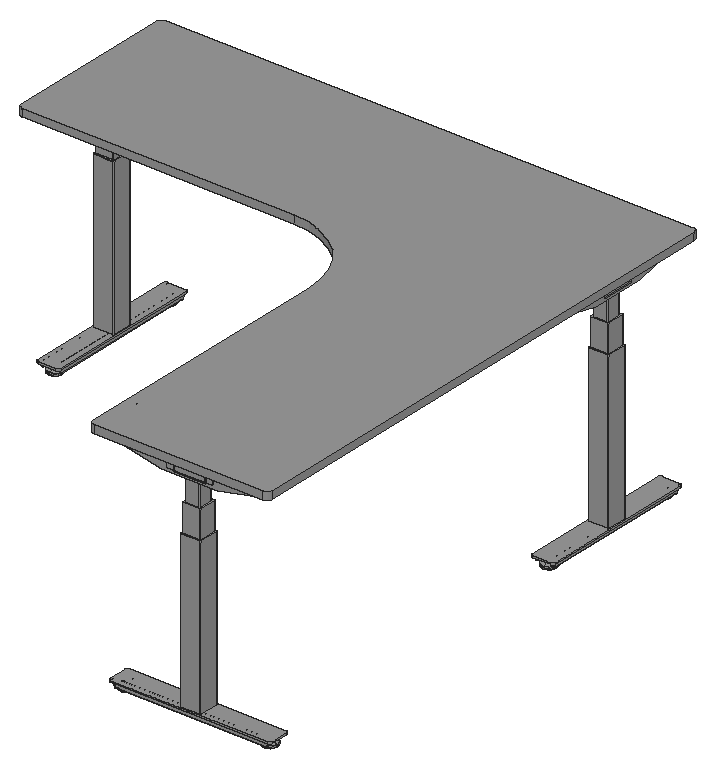
Revit family "3-Leg upCentric_72x72_Right", category Furniture, Revit 2014
Parameters
  baseHeight = 22.09281"
  Width = 29.6063"
  Total_Hieght = 32"
  Top_width = 48"
  Top_Depth = 30"
  Table_Top = Metal Top
  Length = 45.51181"
  Height = 30"
  Frame_Material = Metal Black
  Extend H = 0.24369"
  E Rdaius = 11"
  D_Length = 23"
  C_Length = 32"
  Button_right [instance] = yes
  Button_left [instance] = no
  BoltH = 0.09503"
  BoltEnd = 2.53949"
  BLength = 65"
  ALength = 48"
Reference planes (in)
  plane 1 "Center Front/Back": y = 0
  plane 2: z = 0
  plane 3 "Center Left/Right": x = 0
Dimensions and locks (in)
  nested 1 to nested 1 = 72"  (x2)
  nested 1 to nested 1 = 24"
  aligned and locked: level to plane 2
Nested families (in)
  nested 1: "3-Leg upCentric_72x72_Left" at (0, 0, 0) x (-1, 0, 0) z (0, 0, 1), Button_right <- "Button_right", Button_left <- "Button_left", type "48"x60"x24"x30"x11""
    with Button_right yes, Button_left no
Definition of nested family "3-Leg upCentric_72x72_Left"
  Parameters (values of type "48"x60"x24"x30"x11"")
    Width = 29.6063"
    TotalHeight = 32"
    TopWidth = 48"
    TopDepth = 30"
    TableTop = Metal Top
    Length = 45.51181"
    Hieght = 30"
    Frame = Metal Black
    Extend H = 0.24369"
    E Radius = 11"
    D Length = 23"
    ControlDirection = DarkGreen
    Control Screen = Default
    Control = Black
    C Length = 32"
    Button_right [instance] = yes
    Button_left [instance] = yes
    BoltH = 0.09503"
    BoltEnd = 2.53949"
    BaseHeight = 22.09281"
    B Length = 65"
    A Length = 48"
  Reference planes (in)
    plane 1 "Center (Front/Back)": y = 0
    plane 2: z = 0
    plane 3 "Center (Left/Right)": x = 0
    plane 4: x = 22.75591
    plane 5: x = -22.75591
    plane 6: y = 14.80315
    plane 7: y = -14.72441
    plane 8: x = -24
    plane 9: x = 24
    plane 10: z = 31
    plane 11: z = 32
    plane 12: y = 17.08643
    plane 13: z = 22.09281
    plane 14: z = 25.76029
    plane 15: z = 30.2126
    plane 16: z = 29.42777
    plane 17: z = 30.35564
    plane 18: y = -1.72123
    plane 19: y = -1.63294
    plane 20: y = -1.64701
    plane 21: y = -1.60169
    plane 22: y = -15.41357
    plane 23: y = -45.82715
    plane 24: y = -47.91357
    plane 25: y = -14.91357
    plane 26: x = -1
    plane 27: y = -14.33914
    plane 28: y = -44.60821
    plane 29: z = 30.90497
    plane 30: x = 57.5
  Forms (in)
    Extrusion 1, solid, material "Metal Black" <- "Frame"
      sketch origin (0, 0, 4.44291) x (-1, 0, 0) y (0, 0, -1)
        loop
          line (15.90551, -24.57874) -> (15.90551, -24.73622) -> (15.70866, -24.73622)
          arc (15.70866, -24.73622) -> (15.59731, -24.78235) -> (15.55118, -24.8937) r 0.15748
          line (15.55118, -24.8937) -> (15.55118, -25.70079) -> (16.155, -26.52041)
          arc (16.155, -26.52041) -> (16.18094, -26.54327) -> (16.21263, -26.55709) r 0.11146
          line (16.21263, -26.55709) -> (22.75591, -26.55709) -> (22.75591, -24.8937)
          arc (22.75591, -24.8937) -> (22.70978, -24.78235) -> (22.59843, -24.73622) r 0.15748
          line (22.59843, -24.73622) -> (22.55906, -24.73622) -> (22.55906, -24.57874) -> (15.90551, -24.57874)
      from -2.18504 to 2.14567
    Extrusion 2, void
      sketch origin (5.5, 0, 4.44291) x (-1, 0, 0) y (0, 0, -1)
        loop
          circle (21.46531, -25.93852) r 0.31475
      from -3.16929 to 3.12992
    Extrusion 3, solid, material "Metal Black" <- "Frame"
      sketch origin (0, 0, 4.43307) x (0, 1, 0) y (0, 0, 1)
        loop
          arc (-3.01602, 25.11024) -> (-2.98143, 25.02672) -> (-2.89791, 24.99213) r 0.11811
          line (-2.89791, 24.99213) -> (-2.14988, 24.99213)
          arc (-2.14988, 24.99213) -> (-2.06637, 25.02672) -> (-2.03177, 25.11024) r 0.11811
          line (-2.03177, 25.11024) -> (-2.03177, 26.44882)
          arc (-2.03177, 26.44882) -> (-2.06637, 26.53234) -> (-2.14988, 26.56693) r 0.11811
          line (-2.14988, 26.56693) -> (-2.89791, 26.56693)
          arc (-2.89791, 26.56693) -> (-2.98143, 26.53234) -> (-3.01602, 26.44882) r 0.11811
          line (-3.01602, 26.44882) -> (-3.01602, 25.11024)
      from -22.44094 to 46.38035
    Extrusion 4, solid, material "Metal Black" <- "Frame"
      sketch origin (0, 0.03993, 4.43307) x (0, -1, 0) y (0, 0, -1)
        loop
          line (-3.05118, -25.11024) -> (-3.05118, -26.44882)
          arc (-3.05118, -26.44882) -> (-3.01659, -26.53234) -> (-2.93307, -26.56693) r 0.11811
          line (-2.93307, -26.56693) -> (-2.18504, -26.56693)
          arc (-2.18504, -26.56693) -> (-2.10152, -26.53234) -> (-2.06693, -26.44882) r 0.11811
          line (-2.06693, -26.44882) -> (-2.06693, -25.11024)
          arc (-2.06693, -25.11024) -> (-2.10152, -25.02672) -> (-2.18504, -24.99213) r 0.11811
          line (-2.18504, -24.99213) -> (-2.93307, -24.99213)
          arc (-2.93307, -24.99213) -> (-3.01659, -25.02672) -> (-3.05118, -25.11024) r 0.11811
      from -22.44094 to 46.5
    Extrusion 5, void
      sketch origin (-5.5, 0, 4.43307) x (1, 0, 0) y (0, 0, 1)
        loop
          circle (21.46531, 25.93852) r 0.31475
      from -3.16929 to 3.12992
    Extrusion 6, void
      sketch origin (-6.58004, 0, 4.68242) x (1, 0, 0) y (0, 0, 1)
        loop
          line (21.05249, 26.34135) -> (20.84776, 26.34135) -> (20.84776, 26.19947)
          arc (20.84776, 26.19947) -> (20.95012, 26.09711) -> (21.05249, 26.19947) r 0.10236
          line (21.05249, 26.19947) -> (21.05249, 26.34135)
      from 1.94842 to 3.17104
    Extrusion 7, solid, material "Metal Black" <- "Frame"
      sketch origin (0, 0, 4.51181) x (1, 0, 0) y (0, 0, 1)
        loop
          line (2.58308, 24.92827) -> (11.1992, 24.92827)
          arc (11.1992, 24.92827) -> (11.50066, 25.05314) -> (11.62553, 25.35459) r 0.42633
          arc (11.62553, 25.35459) -> (11.6249, 25.39723) -> (11.62576, 25.43986) r 1.2294
          arc (11.62576, 25.43986) -> (11.63185, 25.66647) -> (11.6341, 25.89316) r 13.43424
          arc (11.6341, 25.89316) -> (11.63916, 26.171) -> (11.63313, 26.44882) r 6.97209
          arc (11.63313, 26.44882) -> (11.6216, 26.47666) -> (11.59376, 26.48819) r 0.03937
          line (11.59376, 26.48819) -> (2.18104, 26.48819)
          arc (2.18104, 26.48819) -> (2.15321, 26.47666) -> (2.14167, 26.44882) r 0.03937
          line (2.14167, 26.44882) -> (2.13401, 26.22943) -> (2.14915, 25.3622)
          arc (2.14915, 25.3622) -> (2.27625, 25.05536) -> (2.58308, 24.92827) r 0.43393
      from -2.1063 to 2.14567
    Extrusion 8, void
      sketch origin (0, 0, 26.52322) x (0, 1, 0) y (1, 0, 0)
        loop
          circle (-1.48893, 12.86331) r 0.14857
      from -4.47678 to -2.90455
    Extrusion 9, void
      sketch origin (0, 0.03125, 26.52322) x (0, 1, 0) y (1, 0, 0)
        loop
          circle (1.48893, 12.86331) r 0.14857
      from -4.47678 to -2.90455
    Extrusion 10, void
      sketch origin (-4.60752, 0, 26.52322) x (0, 1, 0) y (1, 0, 0)
        loop
          circle (-1.48893, 11.23831) r 0.14857
      from -4.47678 to -2.90197
    Extrusion 11, void
      sketch origin (-4.60752, 0.03125, 26.52322) x (0, 1, 0) y (1, 0, 0)
        loop
          circle (1.48893, 11.23831) r 0.14857
      from -4.47678 to -2.90455
    Extrusion 12, void
      sketch origin (-8.70258, 0, 26.52322) x (0, 1, 0) y (1, 0, 0)
        loop
          circle (-1.48893, 11.23831) r 0.14857
      from -4.47678 to -2.90455
    Extrusion 13, void
      sketch origin (-8.70258, 0.03125, 26.52322) x (0, 1, 0) y (1, 0, 0)
        loop
          circle (1.48893, 11.23831) r 0.14857
      from -4.47678 to -2.90455
    Extrusion 14, solid, material "Metal Black" <- "Frame"
      sketch origin (21.43604, -180, 28.36548) x (-1, 0, 0) y (0, -1, 0)
        loop
          arc (21.78856, -177.10209) -> (21.85712, -177.13048) -> (21.88551, -177.19904) r 0.09696
          line (21.88551, -177.19904) -> (21.88551, -178.54113)
          arc (21.88551, -178.54113) -> (21.85605, -178.61227) -> (21.78491, -178.64173) r 0.1006
          line (21.78491, -178.64173) -> (22.6201, -178.64173)
          arc (22.6201, -178.64173) -> (22.55375, -178.61425) -> (22.52626, -178.5479) r 0.09384
          line (22.52626, -178.5479) -> (22.52626, -177.23594)
          arc (22.52626, -177.23594) -> (22.56547, -177.14129) -> (22.66012, -177.10209) r 0.13385
          line (22.66012, -177.10209) -> (21.78856, -177.10209)
        loop
          circle (21.39442, -178.27877) r 0.1198
      from 2.53949 to 2.63452
    Revolve 15, solid, material "Metal Black" <- "Frame"
      sketch origin (0.16142, -1.72123, 52.45252) x (-1, 0, 0) y (0, 0, 1)
        loop
          line (0.00019, -21.37402) -> (-0.11411, -21.37402) -> (-0.13777, -21.39768) -> (-0.13777, -21.45276) -> (0.00019, -21.45276) -> (0.00019, -21.37402)
        axis (0.12467, -21.45276) -> (0.12467, -21.37402)
      angle from 0 to 360
    Extrusion 16, solid, material "Metal Black" <- "Frame"
      sketch origin (17.40479, -180, 28.36548) x (-1, 0, 0) y (0, -1, 0)
        loop
          line (21.77725, -177.72439) -> (20.98984, -177.72439) -> (20.98984, -178.66601)
          arc (20.98984, -178.66601) -> (21.01733, -178.73236) -> (21.08368, -178.75984) r 0.09384
          line (21.08368, -178.75984) -> (21.67665, -178.75984)
          arc (21.67665, -178.75984) -> (21.74778, -178.73038) -> (21.77725, -178.65924) r 0.1006
          line (21.77725, -178.65924) -> (21.77725, -177.72439)
        loop
          circle (21.38661, -178.36862) r 0.1198
      from 2.53949 to 2.63452
    Revolve 17, solid, material "Metal Black" <- "Frame"
      sketch origin (-3.70548, -1.63294, 48) x (1, 0, 0) y (0, 0, 1)
        loop
          line (-0.14892, -16.92149) -> (-0.14892, -17.00023) -> (-0.01095, -17.00023) -> (-0.01095, -16.94516) -> (-0.03462, -16.92149) -> (-0.14892, -16.92149)
        axis (-0.2734, -17.00023) -> (-0.2734, -16.92149)
      angle from 0 to 360
    Extrusion 18, solid, material "Metal Black" <- "Frame"
      sketch origin (21.38917, 180.10938, 28.36548) x (-1, 0, 0) y (0, -1, 0)
        loop
          line (21.78856, 177.06693) -> (22.66012, 177.06693)
          arc (22.66012, 177.06693) -> (22.56547, 177.10613) -> (22.52626, 177.20078) r 0.13385
          line (22.52626, 177.20078) -> (22.52626, 178.5479)
          arc (22.52626, 178.5479) -> (22.55375, 178.61425) -> (22.6201, 178.64173) r 0.09384
          line (22.6201, 178.64173) -> (21.78491, 178.64173)
          arc (21.78491, 178.64173) -> (21.85605, 178.61227) -> (21.88551, 178.54113) r 0.1006
          line (21.88551, 178.54113) -> (21.88551, 177.16389)
          arc (21.88551, 177.16389) -> (21.85712, 177.09533) -> (21.78856, 177.06693) r 0.09696
        loop
          circle (21.39442, 178.24362) r 0.1198
      from 2.53949 to 2.63452
    Revolve 19, solid, material "Metal Black" <- "Frame"
      sketch origin (0.11455, 1.86576, 52.45252) x (-1, 0, 0) y (0, 0, -1)
        loop
          line (0.00019, 21.37402) -> (0.00019, 21.45276) -> (-0.13777, 21.45276) -> (-0.13777, 21.39768) -> (-0.11411, 21.37402) -> (0.00019, 21.37402)
        axis (0.12467, 21.45276) -> (0.12467, 21.37402)
      angle from 0 to 360
    Extrusion 20, solid, material "Metal Black" <- "Frame"
      sketch origin (-23.96259, 180.12106, 28.36548) x (1, 0, 0) y (0, 1, 0)
        loop
          line (21.77725, -177.68923) -> (20.98984, -177.68923) -> (20.98984, -178.66601)
          arc (20.98984, -178.66601) -> (21.01733, -178.73236) -> (21.08368, -178.75984) r 0.09384
          line (21.08368, -178.75984) -> (21.67665, -178.75984)
          arc (21.67665, -178.75984) -> (21.74778, -178.73038) -> (21.77725, -178.65924) r 0.1006
          line (21.77725, -178.65924) -> (21.77725, -177.68923)
        loop
          circle (21.38661, -178.36862) r 0.1198
      from 2.53949 to 2.63452
    Revolve 21, solid, material "Metal Black" <- "Frame"
      sketch origin (-2.85233, 1.754, 48) x (-1, 0, 0) y (0, 0, 1)
        loop
          line (-0.14892, -16.92149) -> (-0.14892, -17.00023) -> (-0.01095, -17.00023) -> (-0.01095, -16.94516) -> (-0.03462, -16.92149) -> (-0.14892, -16.92149)
        axis (-0.2734, -17.00023) -> (-0.2734, -16.92149)
      angle from 0 to 360
    Extrusion 22, solid, material "Metal Black" <- "Frame"
      sketch origin (-12.69726, -23.26476, 4.43307) x (-1, 0, 0) y (0, 0, 1)
        loop
          arc (-3.05118, 25.11024) -> (-3.01659, 25.02672) -> (-2.93307, 24.99213) r 0.11811
          line (-2.93307, 24.99213) -> (-2.18504, 24.99213)
          arc (-2.18504, 24.99213) -> (-2.10152, 25.02672) -> (-2.06693, 25.11024) r 0.11811
          line (-2.06693, 25.11024) -> (-2.06693, 26.44882)
          arc (-2.06693, 26.44882) -> (-2.10152, 26.53234) -> (-2.18504, 26.56693) r 0.11811
          line (-2.18504, 26.56693) -> (-2.93307, 26.56693)
          arc (-2.93307, 26.56693) -> (-3.01659, 26.53234) -> (-3.05118, 26.44882) r 0.11811
          line (-3.05118, 26.44882) -> (-3.05118, 25.11024)
      from -35.86098 to 20.2815
    Extrusion 23, solid, material "Metal Black" <- "Frame"
      sketch origin (-12.69716, -23.26476, 4.43307) x (1, 0, 0) y (0, 0, -1)
        loop
          line (-3.05118, -25.11024) -> (-3.05118, -26.44882)
          arc (-3.05118, -26.44882) -> (-3.01659, -26.53234) -> (-2.93307, -26.56693) r 0.11811
          line (-2.93307, -26.56693) -> (-2.18504, -26.56693)
          arc (-2.18504, -26.56693) -> (-2.10152, -26.53234) -> (-2.06693, -26.44882) r 0.11811
          line (-2.06693, -26.44882) -> (-2.06693, -25.11281)
          arc (-2.06693, -25.11281) -> (-2.10152, -25.02929) -> (-2.18504, -24.9947) r 0.11811
          line (-2.18504, -24.9947) -> (-2.93307, -24.9947)
          arc (-2.93307, -24.9947) -> (-3.01659, -25.02929) -> (-3.05118, -25.11281) r 0.11811
      from -35.86098 to 20.2815
    Extrusion 24, solid, material "Metal Black" <- "Frame"
      sketch origin (167.32659, -4.05756, 28.36548) x (0, -1, 0) y (1, 0, 0)
        loop
          line (21.78594, -177.85433) -> (20.99854, -177.85433) -> (20.99854, -179.84404)
          arc (20.99854, -179.84404) -> (21.05622, -179.98329) -> (21.19547, -180.04097) r 0.19693
          line (21.19547, -180.04097) -> (21.59326, -180.04097)
          arc (21.59326, -180.04097) -> (21.72951, -179.98453) -> (21.78594, -179.84828) r 0.19269
          line (21.78594, -179.84828) -> (21.78594, -177.85433)
        loop
          circle (21.39442, -178.36862) r 0.1198
        loop
          circle (21.39186, -179.62832) r 0.07775
      from 2.53949 to 2.63452
    Revolve 25, solid, material "Metal Black" <- "Frame"
      sketch origin (-11.0264, -25.23843, 52.45252) x (0, -1, 0) y (0, 0, 1)
        loop
          line (0.09394, -21.37402) -> (-0.02036, -21.37402) -> (-0.04402, -21.39768) -> (-0.04402, -21.45276) -> (0.09394, -21.45276) -> (0.09394, -21.37402)
        axis (0.21842, -21.45276) -> (0.21842, -21.37402)
      angle from 0 to 360
    Extrusion 26, solid, material "Metal Black" <- "Frame"
      sketch origin (23.97224, 179.71928, 28.36548) x (-1, 0, 0) y (0, -1, 0)
        loop
          line (23.41094, 177.46738) -> (23.41094, 179.47719)
          arc (23.41094, 179.47719) -> (23.35451, 179.61344) -> (23.21826, 179.66988) r 0.19269
          line (23.21826, 179.66988) -> (22.82047, 179.66988)
          arc (22.82047, 179.66988) -> (22.68122, 179.6122) -> (22.62354, 179.47295) r 0.19693
          line (22.62354, 179.47295) -> (22.62354, 177.46738) -> (23.41094, 177.46738)
        loop
          circle (23.01942, 177.97799) r 0.1198
        loop
          circle (23.01686, 179.25722) r 0.07775
      from 2.53949 to 2.63452
    Revolve 27, solid, material "Metal Black" <- "Frame"
      sketch origin (2.79137, 1.74129, 52.45252) x (-1, 0, 0) y (0, 0, -1)
        loop
          line (1.71894, 21.37402) -> (1.71894, 21.45276) -> (1.58098, 21.45276) -> (1.58098, 21.39768) -> (1.60464, 21.37402) -> (1.71894, 21.37402)
        axis (1.84342, 21.45276) -> (1.84342, 21.37402)
      angle from 0 to 360
    Extrusion 28, solid, material "Metal Black" <- "Frame"
      sketch origin (23.96338, -180, 28.36548) x (-1, 0, 0) y (0, -1, 0)
        loop
          line (23.40225, -177.91804) -> (22.61484, -177.91804) -> (22.61484, -178.68944)
          arc (22.61484, -178.68944) -> (22.64233, -178.7558) -> (22.70868, -178.78328) r 0.09384
          line (22.70868, -178.78328) -> (23.30165, -178.78328)
          arc (23.30165, -178.78328) -> (23.37278, -178.75382) -> (23.40225, -178.68268) r 0.1006
          line (23.40225, -178.68268) -> (23.40225, -177.91804)
        loop
          circle (23.01161, -178.39205) r 0.1198
      from 2.53949 to 2.63452
    Revolve 29, solid, material "Metal Black" <- "Frame"
      sketch origin (2.91171, -1.60169, 48) x (1, 0, 0) y (0, 0, 1)
        loop
          line (-1.83251, -16.92149) -> (-1.83251, -17.00023) -> (-1.69455, -17.00023) -> (-1.69455, -16.94516) -> (-1.71821, -16.92149) -> (-1.83251, -16.92149)
        axis (-1.95699, -17.00023) -> (-1.95699, -16.92149)
      angle from 0 to 360
    Extrusion 30, solid, material "Metal Black" <- "Frame"
      sketch origin (-34.89677, -179.97348, 28.36548) x (1, 0, 0) y (0, 1, 0)
        loop
          line (21.77725, 177.68923) -> (21.77725, 178.65924)
          arc (21.77725, 178.65924) -> (21.74778, 178.73038) -> (21.67665, 178.75984) r 0.1006
          line (21.67665, 178.75984) -> (21.08368, 178.75984)
          arc (21.08368, 178.75984) -> (21.01733, 178.73236) -> (20.98984, 178.66601) r 0.09384
          line (20.98984, 178.66601) -> (20.98984, 177.68923) -> (21.77725, 177.68923)
        loop
          circle (21.38661, 178.36862) r 0.1198
      from 2.63452 to 2.53949
    Revolve 31, solid, material "Metal Black" <- "Frame"
      sketch origin (-13.7865, -1.60642, 48) x (-1, 0, 0) y (0, 0, -1)
        loop
          line (-0.14892, 16.92149) -> (-0.03462, 16.92149) -> (-0.01095, 16.94516) -> (-0.01095, 17.00023) -> (-0.14892, 17.00023) -> (-0.14892, 16.92149)
        axis (-0.2734, 17.00023) -> (-0.2734, 16.92149)
      angle from 0 to 360
    Extrusion 32, solid, material "Metal Black" <- "Frame"
      sketch origin (7.8663, 179.79688, 28.36548) x (-1, 0, 0) y (0, -1, 0)
        loop
          line (21.78594, 177.54392) -> (21.78594, 179.55141)
          arc (21.78594, 179.55141) -> (21.72951, 179.68766) -> (21.59326, 179.74409) r 0.19269
          line (21.59326, 179.74409) -> (21.19547, 179.74409)
          arc (21.19547, 179.74409) -> (21.05622, 179.68642) -> (20.99854, 179.54717) r 0.19693
          line (20.99854, 179.54717) -> (20.99854, 177.54392) -> (21.78594, 177.54392)
        loop
          circle (21.39442, 178.0483) r 0.1198
        loop
          circle (21.39186, 179.33144) r 0.07775
      from 2.63452 to 2.53949
    Revolve 33, solid, material "Metal Black" <- "Frame"
      sketch origin (-13.31457, 1.74076, 52.45252) x (-1, 0, 0) y (0, 0, -1)
        loop
          line (0.09394, 21.37402) -> (0.09394, 21.45276) -> (-0.04402, 21.45276) -> (-0.04402, 21.39768) -> (-0.02036, 21.37402) -> (0.09394, 21.37402)
        axis (0.21842, 21.45276) -> (0.21842, 21.37402)
      angle from 0 to 360
    Extrusion 34, solid, material "Metal Black" <- "Frame"
      sketch origin (166.952, -46.85282, 28.36548) x (0, 1, 0) y (-1, 0, 0)
        loop
          line (21.78594, 177.46738) -> (21.78594, 179.47719)
          arc (21.78594, 179.47719) -> (21.72951, 179.61344) -> (21.59326, 179.66988) r 0.19269
          line (21.59326, 179.66988) -> (21.19547, 179.66988)
          arc (21.19547, 179.66988) -> (21.05622, 179.6122) -> (20.99854, 179.47295) r 0.19693
          line (20.99854, 179.47295) -> (20.99854, 177.46738) -> (21.78594, 177.46738)
        loop
          circle (21.39442, 177.97799) r 0.1198
        loop
          circle (21.39186, 179.25722) r 0.07775
      from 2.63452 to 2.53949
    Revolve 35, solid, material "Metal Black" <- "Frame"
      sketch origin (-11.02599, -25.67195, 52.45252) x (0, 1, 0) y (0, 0, -1)
        loop
          line (0.09394, 21.37402) -> (0.09394, 21.45276) -> (-0.04402, 21.45276) -> (-0.04402, 21.39768) -> (-0.02036, 21.37402) -> (0.09394, 21.37402)
        axis (0.21842, 21.45276) -> (0.21842, 21.37402)
      angle from 0 to 360
    Extrusion 36, solid, material "Metal Black" <- "Frame"
      sketch origin (167.34221, -1.47394, 28.36548) x (0, -1, 0) y (1, 0, 0)
        loop
          line (21.78856, -177.05521) -> (21.03512, -177.05521)
          arc (21.03512, -177.05521) -> (20.94047, -177.09442) -> (20.90126, -177.18907) r 0.13385
          line (20.90126, -177.18907) -> (20.90126, -178.5479)
          arc (20.90126, -178.5479) -> (20.92875, -178.61425) -> (20.9951, -178.64173) r 0.09384
          line (20.9951, -178.64173) -> (21.78491, -178.64173)
          arc (21.78491, -178.64173) -> (21.85605, -178.61227) -> (21.88551, -178.54113) r 0.1006
          line (21.88551, -178.54113) -> (21.88551, -177.15217)
          arc (21.88551, -177.15217) -> (21.85712, -177.08361) -> (21.78856, -177.05521) r 0.09696
        loop
          circle (21.39442, -178.24752) r 0.1198
      from 2.53949 <- "BoltEnd" to 2.63452
    Revolve 37, solid, material "Metal Black" <- "Frame"
      sketch origin (-10.8975, -22.74856, 52.45252) x (0, -1, 0) y (0, 0, 1)
        loop
          line (0.00019, -21.37402) -> (-0.11411, -21.37402) -> (-0.13777, -21.39768) -> (-0.13777, -21.45276) -> (0.00019, -21.45276) -> (0.00019, -21.37402)
        axis (0.12467, -21.45276) -> (0.12467, -21.37402)
      angle from 0 to 360
    Extrusion 38, solid, material "Metal Black" <- "Frame"
      sketch origin (-192.73613, -1.47394, 28.36548) x (0, -1, 0) y (1, 0, 0)
        loop
          arc (21.78856, 177.05521) -> (21.85712, 177.08361) -> (21.88551, 177.15217) r 0.09696
          line (21.88551, 177.15217) -> (21.88551, 178.54113)
          arc (21.88551, 178.54113) -> (21.85605, 178.61227) -> (21.78491, 178.64173) r 0.1006
          line (21.78491, 178.64173) -> (20.9951, 178.64173)
          arc (20.9951, 178.64173) -> (20.92875, 178.61425) -> (20.90126, 178.5479) r 0.09384
          line (20.90126, 178.5479) -> (20.90126, 177.18907)
          arc (20.90126, 177.18907) -> (20.94047, 177.09442) -> (21.03512, 177.05521) r 0.13385
          line (21.03512, 177.05521) -> (21.78856, 177.05521)
        loop
          circle (21.39442, 178.24752) r 0.1198
      from 2.63452 to 2.53949
    Revolve 39, solid, material "Metal Black" <- "Frame"
      sketch origin (-14.49642, -22.74856, 52.45252) x (0, -1, 0) y (0, 0, -1)
        loop
          line (0.00019, 21.37402) -> (0.00019, 21.45276) -> (-0.13777, 21.45276) -> (-0.13777, 21.39768) -> (-0.11411, 21.37402) -> (0.00019, 21.37402)
        axis (0.12467, 21.45276) -> (0.12467, 21.37402)
      angle from 0 to 360
    Extrusion 40, solid, material "Metal Black" <- "Frame"
      sketch origin (-192.61113, -4.05327, 28.36548) x (0, -1, 0) y (1, 0, 0)
        loop
          line (21.79023, 177.56938) -> (21.79023, 178.53385)
          arc (21.79023, 178.53385) -> (21.76076, 178.60498) -> (21.68963, 178.63445) r 0.1006
          line (21.68963, 178.63445) -> (21.09666, 178.63445)
          arc (21.09666, 178.63445) -> (21.03031, 178.60696) -> (21.00282, 178.54061) r 0.09384
          line (21.00282, 178.54061) -> (21.00282, 177.56938) -> (21.79023, 177.56938)
        loop
          circle (21.39442, 178.24752) r 0.1198
      from 2.63452 to 2.53949
    Revolve 41, solid, material "Metal Black" <- "Frame"
      sketch origin (-14.37142, -25.32789, 52.45252) x (0, -1, 0) y (0, 0, -1)
        loop
          line (0.00019, 21.37402) -> (0.00019, 21.45276) -> (-0.13777, 21.45276) -> (-0.13777, 21.39768) -> (-0.11411, 21.37402) -> (0.00019, 21.37402)
        axis (0.12467, 21.45276) -> (0.12467, 21.37402)
      angle from 0 to 360
    Revolve 42, solid, material "Metal Black" <- "Frame"
      sketch origin (-14.36894, -36.62032, 52.45252) x (0, 1, 0) y (0, 0, 1)
        loop
          line (-5.49249, -21.37402) -> (-5.60679, -21.37402) -> (-5.63045, -21.39768) -> (-5.63045, -21.45276) -> (-5.49249, -21.45276) -> (-5.49249, -21.37402)
        axis (-5.368, -21.45276) -> (-5.368, -21.37402)
      angle from 0 to 360
    Revolve 43, solid, material "Metal Black" <- "Frame"
      sketch origin (-14.36936, -36.1868, 52.45252) x (0, -1, 0) y (0, 0, -1)
        loop
          line (5.68037, 21.37402) -> (5.68037, 21.45276) -> (5.5424, 21.45276) -> (5.5424, 21.39768) -> (5.56607, 21.37402) -> (5.68037, 21.37402)
        axis (5.80485, 21.45276) -> (5.80485, 21.37402)
      angle from 0 to 360
    Extrusion 44, solid, material "Metal Black" <- "Frame"
      sketch origin (167.21682, -57.79142, 28.36548) x (0, 1, 0) y (-1, 0, 0)
        loop
          line (16.2038, 177.56938) -> (16.2038, 178.51739)
          arc (16.2038, 178.51739) -> (16.16951, 178.60016) -> (16.08674, 178.63445) r 0.11706
          line (16.08674, 178.63445) -> (15.53333, 178.63445)
          arc (15.53333, 178.63445) -> (15.45065, 178.6002) -> (15.4164, 178.51751) r 0.11693
          line (15.4164, 178.51751) -> (15.4164, 177.56938) -> (16.2038, 177.56938)
        loop
          circle (15.80799, 178.24752) r 0.1198
      from 2.53949 to 2.63452
    Revolve 45, solid, material "Metal Black" <- "Frame"
      sketch origin (-11.02289, -36.5168, 52.45252) x (0, 1, 0) y (0, 0, -1)
        loop
          line (-5.58624, 21.37402) -> (-5.58624, 21.45276) -> (-5.7242, 21.45276) -> (-5.7242, 21.39768) -> (-5.70054, 21.37402) -> (-5.58624, 21.37402)
        axis (-5.46175, 21.45276) -> (-5.46175, 21.37402)
      angle from 0 to 360
    Revolve 46, solid, material "Metal Black" <- "Frame"
      sketch origin (-22.54052, -58.69786, 52.44291) x (-1, 0, 0) y (0, 0, -1)
        loop
          line (-2.2445, 21.35433) -> (-2.12887, 21.35433) -> (-2.10624, 21.37696) -> (-2.10624, 21.44291) -> (-2.2445, 21.44291) -> (-2.2445, 21.35433)
        axis (-2.3622, 21.35433) -> (-2.3622, 21.44291)
      angle from 0 to 360
    Revolve 47, solid, material "Metal Black" <- "Frame"
      sketch origin (-18.59925, -58.69786, 52.44291) x (-1, 0, 0) y (0, 0, -1)
        loop
          line (-2.2445, 21.35433) -> (-2.12887, 21.35433) -> (-2.10624, 21.37696) -> (-2.10624, 21.44291) -> (-2.2445, 21.44291) -> (-2.2445, 21.35433)
        axis (-2.3622, 21.35433) -> (-2.3622, 21.44291)
      angle from 0 to 360
    Extrusion 48, solid, material "Metal Top" <- "TableTop"
      sketch origin (20.90479, -185.5, 23.91273) x (-1, 0, 0) y (0, -1, 0)
        loop
          line (45.15479, -196.34815) -> (45.15479, -125.82471)
          arc (45.15479, -125.82471) -> (44.93855, -125.30266) -> (44.41651, -125.08643) r 0.73828
          line (44.41651, -125.08643) -> (21.89307, -125.08643)
          arc (21.89307, -125.08643) -> (21.37103, -125.30266) -> (21.15479, -125.82471) r 0.73828
          line (21.15479, -125.82471) -> (21.15479, -162.08643)
          arc (21.15479, -162.08643) -> (17.93297, -169.8646) -> (10.15479, -173.08643) r 11
          line (10.15479, -173.08643) -> (-26.10514, -173.08643)
          arc (-26.10514, -173.08643) -> (-26.62845, -173.30319) -> (-26.84521, -173.8265) r 0.74007
          line (-26.84521, -173.8265) -> (-26.84521, -196.34815)
          arc (-26.84521, -196.34815) -> (-26.62897, -196.87019) -> (-26.10693, -197.08643) r 0.73828
          line (-26.10693, -197.08643) -> (44.41651, -197.08643)
          arc (44.41651, -197.08643) -> (44.93855, -196.87019) -> (45.15479, -196.34815) r 0.73828
      from 7.08727 to 8.08727
    Extrusion 49, solid, material "Metal Black" <- "Frame"
      sketch origin (5.74391, 0.03858, 0) x (-1, 0, 0) y (0, -1, 0)
        loop
          arc (25.70374, 1.41734) -> (25.62072, 1.38295) -> (25.58634, 1.29993) r 0.11741
          line (25.58634, 1.29993) -> (25.58635, -1.22117)
          arc (25.58635, -1.22117) -> (25.62073, -1.30418) -> (25.70374, -1.33857) r 0.11739
          line (25.70374, -1.33857) -> (28.22492, -1.33857)
          arc (28.22492, -1.33857) -> (28.30795, -1.30418) -> (28.34233, -1.22116) r 0.11741
          line (28.34233, -1.22116) -> (28.34233, 1.29994)
          arc (28.34233, 1.29994) -> (28.30795, 1.38295) -> (28.22494, 1.41734) r 0.11739
          line (28.22494, 1.41734) -> (25.70374, 1.41734)
      from 1.25984 to 22.01141
    Sweep 50, solid, material "Metal Black" <- "Frame"
      path origin (5.74391, 0.03858, 22.01141) x (-1, 0, 0) y (0, -1, 0)
        loop
          arc (25.71906, 1.30529) -> (25.70447, 1.29925) -> (25.69843, 1.28467) r 0.02062
          line (25.69843, 1.28467) -> (25.69843, -1.18872)
          arc (25.69843, -1.18872) -> (25.70942, -1.21526) -> (25.73596, -1.22625) r 0.03753
          line (25.73596, -1.22625) -> (28.20973, -1.22625)
          arc (28.20973, -1.22625) -> (28.22385, -1.22041) -> (28.2297, -1.20629) r 0.01997
          line (28.2297, -1.20629) -> (28.2297, 1.27292)
          arc (28.2297, 1.27292) -> (28.22022, 1.29581) -> (28.19732, 1.30529) r 0.03238
          line (28.19732, 1.30529) -> (25.71906, 1.30529)
      profile origin (-21.21428, -1.26672, 22.01141) x (0, -1, 0) y (0, 0, 1)
        loop
          line (0.11204, 0) -> (0, 0.0814) -> (0, 0) -> (0.11204, 0)
    Extrusion 51, solid, material "Metal Black" <- "Frame"
      sketch origin (5.74391, 0.03858, 22.01141) x (-1, 0, 0) y (0, -1, 0)
        loop
          arc (25.81982, 1.25186) -> (25.77169, 1.23193) -> (25.75175, 1.18379) r 0.06807
          line (25.75175, 1.18379) -> (25.75175, -1.10374)
          arc (25.75175, -1.10374) -> (25.77209, -1.15284) -> (25.82118, -1.17317) r 0.06943
          line (25.82118, -1.17317) -> (28.10679, -1.17317)
          arc (28.10679, -1.17317) -> (28.15636, -1.15264) -> (28.17689, -1.10307) r 0.0701
          line (28.17689, -1.10307) -> (28.17689, 1.18184)
          arc (28.17689, 1.18184) -> (28.15638, 1.23135) -> (28.10686, 1.25186) r 0.07003
          line (28.10686, 1.25186) -> (25.81982, 1.25186)
      from 0.0814 to 3.74888
    Extrusion 52, solid, material "Metal Black" <- "Frame"
      sketch origin (5.74391, 0.03858, 22.01141) x (-1, 0, 0) y (0, -1, 0)
        loop
          arc (26.09801, 1.02362) -> (26.01466, 0.98909) -> (25.98013, 0.90574) r 0.11789
          line (25.98013, 0.90574) -> (25.98013, -0.82674)
          arc (25.98013, -0.82674) -> (26.01473, -0.91028) -> (26.09827, -0.94488) r 0.11814
          line (26.09827, -0.94488) -> (27.82971, -0.94488)
          arc (27.82971, -0.94488) -> (27.9138, -0.91005) -> (27.94863, -0.82596) r 0.11892
          line (27.94863, -0.82596) -> (27.94863, 0.90625)
          arc (27.94863, 0.90625) -> (27.91425, 0.98924) -> (27.83126, 1.02362) r 0.11737
          line (27.83126, 1.02362) -> (26.09801, 1.02362)
      from 3.74888 to 7.41636
    Extrusion 53, solid, material "Metal Black" <- "Frame"
      sketch origin (5.74391, 0.03858, 22.01141) x (-1, 0, 0) y (0, -1, 0)
        loop
          arc (25.78246, 10.86615) -> (25.53249, 10.76261) -> (25.42895, 10.51263) r 0.35352
          line (25.42895, 10.51263) -> (25.42895, -10.43497)
          arc (25.42895, -10.43497) -> (25.53217, -10.68417) -> (25.78137, -10.7874) r 0.35242
          line (25.78137, -10.7874) -> (28.14646, -10.7874)
          arc (28.14646, -10.7874) -> (28.39632, -10.6839) -> (28.49981, -10.43404) r 0.35335
          line (28.49981, -10.43404) -> (28.49981, 10.5112)
          arc (28.49981, 10.5112) -> (28.39585, 10.76219) -> (28.14486, 10.86615) r 0.35495
          line (28.14486, 10.86615) -> (25.78246, 10.86615)
      from -20.94842 to -20.75157
    Revolve 54, solid, material "Metal Black" <- "Frame"
      sketch origin (-21.18264, -10.03967, 48) x (0, 1, 0) y (0, 0, 1)
        loop
          line (0.4725, -47.52744) -> (0.2357, -47.52744) -> (-0.48417, -47.75493)
          arc (-0.48417, -47.75493) -> (-0.50415, -47.76927) -> (-0.5118, -47.79264) r 0.03954
          line (-0.5118, -47.79264) -> (-0.5118, -47.96242)
          arc (-0.5118, -47.96242) -> (-0.50079, -47.98899) -> (-0.47422, -48) r 0.03758
          line (-0.47422, -48) -> (0.4725, -48) -> (0.4725, -47.52744)
        axis (0.4725, -47.52744) -> (0.4725, -48)
      angle from 0 to 360
    Revolve 55, solid, material "Metal Black" <- "Frame"
      sketch origin (-21.18264, 10.03869, 48) x (0, -1, 0) y (0, 0, -1)
        loop
          line (0.4725, 47.52744) -> (0.4725, 48) -> (-0.47422, 48)
          arc (-0.47422, 48) -> (-0.50079, 47.98899) -> (-0.5118, 47.96242) r 0.03758
          line (-0.5118, 47.96242) -> (-0.5118, 47.79264)
          arc (-0.5118, 47.79264) -> (-0.50415, 47.76927) -> (-0.48417, 47.75493) r 0.03954
          line (-0.48417, 47.75493) -> (0.2357, 47.52744) -> (0.4725, 47.52744)
        axis (0.4725, 47.52744) -> (0.4725, 48)
      angle from 0 to 360
    Extrusion 56, solid, material "Metal Black" <- "Frame"
      sketch origin (0.19531, 0.03858, 0) x (0, -1, 0) y (0, 0, 1)
        loop
          arc (-10.07388, 0.47221) -> (-10.04523, 0.44356) -> (-10.00609, 0.43307) r 0.07828
          line (-10.00609, 0.43307) -> (10.08632, 0.43307)
          arc (10.08632, 0.43307) -> (10.12418, 0.44322) -> (10.15189, 0.47093) r 0.07572
          line (10.15189, 0.47093) -> (10.49372, 1.06299) -> (-10.41497, 1.06299) -> (-10.07388, 0.47221)
      from 22.51969 to 22.71654
    Sweep 57, solid, material "Metal Black" <- "Frame"
      path origin (0.19531, 0.03858, 0) x (0, -1, 0) y (0, 0, 1)
        loop
          line (-10.4968, 1.20472) -> (-10.07388, 0.47221)
          arc (-10.07388, 0.47221) -> (-10.04523, 0.44356) -> (-10.00609, 0.43307) r 0.07828
          line (-10.00609, 0.43307) -> (10.08632, 0.43307)
          arc (10.08632, 0.43307) -> (10.12418, 0.44322) -> (10.15189, 0.47093) r 0.07572
          line (10.15189, 0.47093) -> (10.49372, 1.06299)
      profile origin (0.19531, -0.00154, 0.43307) x (0, 0, 1) y (-1, 0, 0)
        loop
          line (0, 22.51969) -> (0, 22.71654)
          arc (0, 22.71654) -> (-0.02784, 22.705) -> (-0.03937, 22.67717) r 0.03937
          line (-0.03937, 22.67717) -> (-0.03937, 22.55906)
          arc (-0.03937, 22.55906) -> (-0.02784, 22.53122) -> (0, 22.51969) r 0.03937
    Extrusion 58, solid, material "Metal Black" <- "Frame"
      sketch origin (-42.5606, 0.03858, 0) x (0, -1, 0) y (0, 0, -1)
        loop
          line (-10.07388, -0.47221) -> (-10.41497, -1.06299) -> (10.49372, -1.06299) -> (10.15189, -0.47093)
          arc (10.15189, -0.47093) -> (10.12418, -0.44322) -> (10.08632, -0.43307) r 0.07572
          line (10.08632, -0.43307) -> (-10.00609, -0.43307)
          arc (-10.00609, -0.43307) -> (-10.04523, -0.44356) -> (-10.07388, -0.47221) r 0.07828
      from 22.51969 to 22.71654
    Sweep 59, solid, material "Metal Black" <- "Frame"
      path origin (-42.5606, 0.03858, 0) x (0, -1, 0) y (0, 0, -1)
        loop
          line (-10.41497, -1.06299) -> (-10.07388, -0.47221)
          arc (-10.07388, -0.47221) -> (-10.04523, -0.44356) -> (-10.00609, -0.43307) r 0.07828
          line (-10.00609, -0.43307) -> (10.08632, -0.43307)
          arc (10.08632, -0.43307) -> (10.12418, -0.44322) -> (10.15189, -0.47093) r 0.07572
          line (10.15189, -0.47093) -> (10.49372, -1.06299)
      profile origin (-42.5606, -0.00154, 0.43307) x (0, 0, -1) y (1, 0, 0)
        loop
          arc (0, 22.51969) -> (0.02784, 22.53122) -> (0.03937, 22.55906) r 0.03937
          line (0.03937, 22.55906) -> (0.03937, 22.67717)
          arc (0.03937, 22.67717) -> (0.02784, 22.705) -> (0, 22.71654) r 0.03937
          line (0, 22.71654) -> (0, 22.51969)
    Extrusion 60, solid, material "Metal Black" <- "Frame"
      sketch origin (5.74391, 0.03858, 0) x (-1, 0, 0) y (0, 0, 1)
        loop
          arc (26.68879, 0.7874) -> (26.70032, 0.75956) -> (26.72816, 0.74803) r 0.03937
          line (26.72816, 0.74803) -> (27.2006, 0.74803)
          arc (27.2006, 0.74803) -> (27.22844, 0.75956) -> (27.23997, 0.7874) r 0.03937
          line (27.23997, 0.7874) -> (27.23997, 1.06299) -> (26.68879, 1.06299) -> (26.68879, 0.7874)
      from -10.07679 to 9.99999
    Revolve 61, solid, material "Metal Black" <- "Frame"
      sketch origin (-20.47309, -0.72608, 48) x (0, -1, 0) y (0, 0, 1)
        loop
          line (-1.438, -47.33071) -> (-1.16478, -47.33071)
          arc (-1.16478, -47.33071) -> (-1.13582, -47.31871) -> (-1.12382, -47.28975) r 0.04095
          line (-1.12382, -47.28975) -> (-1.12382, -46.93701) -> (-1.438, -46.93701) -> (-1.438, -47.33071)
        axis (-1.438, -47.33071) -> (-1.438, -46.93701)
      angle from 0 to 360
    Revolve 62, solid, material "Metal Black" <- "Frame"
      sketch origin (-20.47309, -2.15005, 48) x (0, -1, 0) y (0, 0, 1)
        loop
          line (-1.438, -47.33071) -> (-1.16478, -47.33071)
          arc (-1.16478, -47.33071) -> (-1.13582, -47.31871) -> (-1.12382, -47.28975) r 0.04095
          line (-1.12382, -47.28975) -> (-1.12382, -46.93701) -> (-1.438, -46.93701) -> (-1.438, -47.33071)
        axis (-1.438, -47.33071) -> (-1.438, -46.93701)
      angle from 0 to 360
    Revolve 63, solid, material "Metal Black" <- "Frame"
      sketch origin (-21.89131, -0.72608, 48) x (0, -1, 0) y (0, 0, 1)
        loop
          line (-1.438, -47.33071) -> (-1.16478, -47.33071)
          arc (-1.16478, -47.33071) -> (-1.13582, -47.31871) -> (-1.12382, -47.28975) r 0.04095
          line (-1.12382, -47.28975) -> (-1.12382, -46.93701) -> (-1.438, -46.93701) -> (-1.438, -47.33071)
        axis (-1.438, -47.33071) -> (-1.438, -46.93701)
      angle from 0 to 360
    Revolve 64, solid, material "Metal Black" <- "Frame"
      sketch origin (-21.89131, -2.15005, 48) x (0, -1, 0) y (0, 0, 1)
        loop
          line (-1.438, -47.33071) -> (-1.16478, -47.33071)
          arc (-1.16478, -47.33071) -> (-1.13582, -47.31871) -> (-1.12382, -47.28975) r 0.04095
          line (-1.12382, -47.28975) -> (-1.12382, -46.93701) -> (-1.438, -46.93701) -> (-1.438, -47.33071)
        axis (-1.438, -47.33071) -> (-1.438, -46.93701)
      angle from 0 to 360
    Revolve 65, solid, material "Metal Black" <- "Frame"
      sketch origin (-22.12753, -9.84682, 52.44291) x (0, -1, 0) y (0, 0, 1)
        loop
          line (-2.2445, -21.35433) -> (-2.2445, -21.44291) -> (-2.10624, -21.44291) -> (-2.10624, -21.37696) -> (-2.12887, -21.35433) -> (-2.2445, -21.35433)
        axis (-2.3622, -21.35433) -> (-2.3622, -21.44291)
      angle from 0 to 360
    Revolve 66, solid, material "Metal Black" <- "Frame"
      sketch origin (-22.12753, -5.90555, 52.44291) x (0, -1, 0) y (0, 0, 1)
        loop
          line (-2.2445, -21.35433) -> (-2.2445, -21.44291) -> (-2.10624, -21.44291) -> (-2.10624, -21.37696) -> (-2.12887, -21.35433) -> (-2.2445, -21.35433)
        axis (-2.3622, -21.35433) -> (-2.3622, -21.44291)
      angle from 0 to 360
    Revolve 67, solid, material "Metal Black" <- "Frame"
      sketch origin (-22.12753, 9.82961, 52.44291) x (0, 1, 0) y (0, 0, -1)
        loop
          line (-2.2445, 21.35433) -> (-2.12887, 21.35433) -> (-2.10624, 21.37696) -> (-2.10624, 21.44291) -> (-2.2445, 21.44291) -> (-2.2445, 21.35433)
        axis (-2.3622, 21.35433) -> (-2.3622, 21.44291)
      angle from 0 to 360
    Revolve 68, solid, material "Metal Black" <- "Frame"
      sketch origin (-22.12753, 5.93673, 52.44291) x (0, 1, 0) y (0, 0, -1)
        loop
          line (-2.27966, 21.35433) -> (-2.16403, 21.35433) -> (-2.1414, 21.37696) -> (-2.1414, 21.44291) -> (-2.27966, 21.44291) -> (-2.27966, 21.35433)
        axis (-2.39736, 21.35433) -> (-2.39736, 21.44291)
      angle from 0 to 360
    Revolve 69, solid, material "Metal Black" <- "Frame"
      sketch origin (-156.92876, 33.59849, 30.35564) x (0, -1, 0) y (1, 0, 0)
        loop
          line (30.54389, 135.39182) -> (30.44762, 135.39182) -> (30.42578, 135.36998) -> (30.42578, 135.196) -> (30.46906, 135.15272) -> (30.54389, 135.15272) -> (30.54389, 135.39182)
        axis (30.42578, 135.58789) -> (30.54389, 135.58789)
      angle from 0 to 360
    Revolve 70, solid, material "Metal Black" <- "Frame"
      sketch origin (-156.92876, 33.59849, 30.35564) x (0, -1, 0) y (1, 0, 0)
        loop
          line (36.65406, 135.3935) -> (36.65406, 135.1544) -> (36.7289, 135.1544) -> (36.77217, 135.19768) -> (36.77217, 135.37166) -> (36.75034, 135.3935) -> (36.65406, 135.3935)
        axis (36.77217, 135.58957) -> (36.65406, 135.58957)
      angle from 0 to 360
    Revolve 71, solid, material "Metal Black" <- "Frame"
      sketch origin (-156.92876, 33.59849, 30.35564) x (0, -1, 0) y (1, 0, 0)
        loop
          arc (30.17138, 135.57795) -> (30.18503, 135.75698) -> (30.22222, 135.93264) r 1.35519
          arc (30.22222, 135.93264) -> (30.23161, 135.9464) -> (30.2474, 135.9517) r 0.02616
          line (30.2474, 135.9517) -> (30.27869, 135.9517) -> (30.27869, 135.88271) -> (30.55077, 135.88271) -> (30.55077, 135.57795) -> (30.16631, 135.57795)
        axis (30.55077, 135.57795) -> (30.16631, 135.57795)
      angle from 0 to 360
    Revolve 72, solid, material "Metal Black" <- "Frame"
      sketch origin (-156.92876, -33.60009, 30.35564) x (0, 1, 0) y (-1, 0, 0)
        loop
          arc (30.17138, -135.57795) -> (30.18503, -135.75698) -> (30.22222, -135.93264) r 1.35519
          arc (30.22222, -135.93264) -> (30.23161, -135.9464) -> (30.2474, -135.9517) r 0.02616
          line (30.2474, -135.9517) -> (30.27869, -135.9517) -> (30.27869, -135.88271) -> (30.55077, -135.88271) -> (30.55077, -135.57795) -> (30.16631, -135.57795)
        axis (30.55077, -135.57795) -> (30.16631, -135.57795)
      angle from 0 to 360
    Extrusion 73, solid, material "Metal Black" <- "Frame"
      sketch origin (23.07124, 12.6937, 0) x (0, 1, 0) y (0, 0, -1)
        loop
          arc (-21.81468, -30.12016) -> (-21.87332, -30.14347) -> (-21.92126, -30.18451) r 0.19241
          line (-21.92126, -30.18451) -> (-22.60554, -31) -> (-2.78878, -31) -> (-3.47474, -30.18251)
          arc (-3.47474, -30.18251) -> (-3.52078, -30.1431) -> (-3.57709, -30.12071) r 0.18477
          line (-3.57709, -30.12071) -> (-8.957, -28.95301) -> (-16.43732, -28.95301) -> (-21.81468, -30.12016)
      from 44.60821 to 45.78932
    Revolve 74, solid, material "Metal Black" <- "Frame"
      sketch origin (-14.36894, -50.11942, 52.45252) x (0, 1, 0) y (0, 0, 1)
        loop
          line (-5.49249, -21.37402) -> (-5.60679, -21.37402) -> (-5.63045, -21.39768) -> (-5.63045, -21.45276) -> (-5.49249, -21.45276) -> (-5.49249, -21.37402)
        axis (-5.368, -21.45276) -> (-5.368, -21.37402)
      angle from 0 to 360
    Extrusion 75, solid, material "Metal Black" <- "Frame"
      sketch origin (-192.34735, -28.50502, 28.36548) x (0, -1, 0) y (1, 0, 0)
        loop
          line (27.37237, 177.46738) -> (27.37237, 179.47719)
          arc (27.37237, 179.47719) -> (27.31593, 179.61344) -> (27.17968, 179.66988) r 0.19269
          line (27.17968, 179.66988) -> (26.78189, 179.66988)
          arc (26.78189, 179.66988) -> (26.64265, 179.6122) -> (26.58497, 179.47295) r 0.19693
          line (26.58497, 179.47295) -> (26.58497, 177.46738) -> (27.37237, 177.46738)
        loop
          circle (26.98085, 177.97799) r 0.1198
        loop
          circle (26.97829, 179.25722) r 0.07775
      from 2.63452 to 2.53949
    Revolve 76, solid, material "Metal Black" <- "Frame"
      sketch origin (-14.36936, -49.68589, 52.45252) x (0, -1, 0) y (0, 0, -1)
        loop
          line (5.68037, 21.37402) -> (5.68037, 21.45276) -> (5.5424, 21.45276) -> (5.5424, 21.39768) -> (5.56607, 21.37402) -> (5.68037, 21.37402)
        axis (5.80485, 21.45276) -> (5.80485, 21.37402)
      angle from 0 to 360
    Extrusion 77, solid, material "Metal Black" <- "Frame"
      sketch origin (167.21682, -71.29051, 28.36548) x (0, 1, 0) y (-1, 0, 0)
        loop
          line (16.2038, 177.56938) -> (16.2038, 178.51739)
          arc (16.2038, 178.51739) -> (16.16951, 178.60016) -> (16.08674, 178.63445) r 0.11706
          line (16.08674, 178.63445) -> (15.53333, 178.63445)
          arc (15.53333, 178.63445) -> (15.45065, 178.6002) -> (15.4164, 178.51751) r 0.11693
          line (15.4164, 178.51751) -> (15.4164, 177.56938) -> (16.2038, 177.56938)
        loop
          circle (15.80799, 178.24752) r 0.1198
      from 2.53949 to 2.63452
    Revolve 78, solid, material "Metal Black" <- "Frame"
      sketch origin (-11.02289, -50.01589, 52.45252) x (0, 1, 0) y (0, 0, -1)
        loop
          line (-5.58624, 21.37402) -> (-5.58624, 21.45276) -> (-5.7242, 21.45276) -> (-5.7242, 21.39768) -> (-5.70054, 21.37402) -> (-5.58624, 21.37402)
        axis (-5.46175, 21.45276) -> (-5.46175, 21.37402)
      angle from 0 to 360
    Extrusion 79, solid, material "Metal Black" <- "Frame"
      sketch origin (-12.67481, -30.78341, 4.44291) x (0, -1, 0) y (0, 0, -1)
        loop
          line (21.49194, -24.57874) -> (21.49194, -24.73622) -> (21.29509, -24.73622)
          arc (21.29509, -24.73622) -> (21.18373, -24.78235) -> (21.13761, -24.8937) r 0.15748
          line (21.13761, -24.8937) -> (21.13761, -25.70079) -> (21.74143, -26.52041)
          arc (21.74143, -26.52041) -> (21.76737, -26.54327) -> (21.79906, -26.55709) r 0.11146
          line (21.79906, -26.55709) -> (28.34233, -26.55709) -> (28.34233, -24.8937)
          arc (28.34233, -24.8937) -> (28.29621, -24.78235) -> (28.18485, -24.73622) r 0.15748
          line (28.18485, -24.73622) -> (28.14548, -24.73622) -> (28.14548, -24.57874) -> (21.49194, -24.57874)
      from -2.18504 to 2.14567
    Revolve 80, solid, material "Metal Black" <- "Frame"
      sketch origin (-22.54052, -58.69786, 52.44291) x (-1, 0, 0) y (0, 0, -1)
        loop
          line (-2.2445, 21.35433) -> (-2.12887, 21.35433) -> (-2.10624, 21.37696) -> (-2.10624, 21.44291) -> (-2.2445, 21.44291) -> (-2.2445, 21.35433)
        axis (-2.3622, 21.35433) -> (-2.3622, 21.44291)
      angle from 0 to 360
    Revolve 81, solid, material "Metal Black" <- "Frame"
      sketch origin (-18.59925, -58.69786, 52.44291) x (-1, 0, 0) y (0, 0, -1)
        loop
          line (-2.2445, 21.35433) -> (-2.12887, 21.35433) -> (-2.10624, 21.37696) -> (-2.10624, 21.44291) -> (-2.2445, 21.44291) -> (-2.2445, 21.35433)
        axis (-2.3622, 21.35433) -> (-2.3622, 21.44291)
      angle from 0 to 360
    Revolve 82, solid, material "Metal Black" <- "Frame"
      sketch origin (20.90479, -193.49909, 30.35564) x (-1, 0, 0) y (0, -1, 0)
        loop
          line (36.65406, -135.3935) -> (36.75034, -135.3935) -> (36.77217, -135.37166) -> (36.77217, -135.19768) -> (36.7289, -135.1544) -> (36.65406, -135.1544) -> (36.65406, -135.3935)
        axis (36.77217, -135.58957) -> (36.65406, -135.58957)
      angle from 0 to 360
    Revolve 83, solid, material "Metal Black" <- "Frame"
      sketch origin (-46.29379, -193.49909, 30.35564) x (1, 0, 0) y (0, 1, 0)
        loop
          arc (30.17138, 135.57795) -> (30.18503, 135.75698) -> (30.22222, 135.93264) r 1.35519
          arc (30.22222, 135.93264) -> (30.23161, 135.9464) -> (30.2474, 135.9517) r 0.02616
          line (30.2474, 135.9517) -> (30.27869, 135.9517) -> (30.27869, 135.88271) -> (30.55077, 135.88271) -> (30.55077, 135.57795) -> (30.16631, 135.57795)
        axis (30.55077, 135.57795) -> (30.16631, 135.57795)
      angle from 0 to 360
    Extrusion 84, void
      sketch origin (36.74391, 0.03858, 4.44291) x (-1, 0, 0) y (0, 0, 1)
        loop
          line (28.42107, 24.48906) -> (28.42107, 26.48906) -> (27.17905, 26.48906) -> (27.17905, 24.48906) -> (28.42107, 24.48906)
      from -10.25826 to 10.12598
    Extrusion 85, solid, material "Metal Black" <- "Frame"
      sketch origin (23.78783, 0, 4.44291) x (1, 0, 0) y (0, 0, 1)
        loop
          line (15.90551, 24.57874) -> (22.55906, 24.57874) -> (22.55906, 24.73622) -> (22.59843, 24.73622)
          arc (22.59843, 24.73622) -> (22.70978, 24.78235) -> (22.75591, 24.8937) r 0.15748
          line (22.75591, 24.8937) -> (22.75591, 26.55709) -> (16.21263, 26.55709)
          arc (16.21263, 26.55709) -> (16.18094, 26.54327) -> (16.155, 26.52041) r 0.11146
          line (16.155, 26.52041) -> (15.55118, 25.70079) -> (15.55118, 24.8937)
          arc (15.55118, 24.8937) -> (15.59731, 24.78235) -> (15.70866, 24.73622) r 0.15748
          line (15.70866, 24.73622) -> (15.90551, 24.73622) -> (15.90551, 24.57874)
      from -2.18504 to 2.14567
    Extrusion 86, solid, material "Metal Black" <- "Frame"
      sketch origin (18.03802, 0.03858, 0) x (1, 0, 0) y (0, 1, 0)
        loop
          line (25.70374, -1.41734) -> (28.22494, -1.41734)
          arc (28.22494, -1.41734) -> (28.30795, -1.38295) -> (28.34233, -1.29994) r 0.11739
          line (28.34233, -1.29994) -> (28.34233, 1.22116)
          arc (28.34233, 1.22116) -> (28.30795, 1.30418) -> (28.22492, 1.33857) r 0.11741
          line (28.22492, 1.33857) -> (25.70374, 1.33857)
          arc (25.70374, 1.33857) -> (25.62073, 1.30418) -> (25.58635, 1.22117) r 0.11739
          line (25.58635, 1.22117) -> (25.58634, -1.29993)
          arc (25.58634, -1.29993) -> (25.62072, -1.38295) -> (25.70374, -1.41734) r 0.11741
      from 1.25984 to 22.01141
    Sweep 87, solid, material "Metal Black" <- "Frame"
      path origin (18.03802, 0.03858, 22.01141) x (1, 0, 0) y (0, -1, 0)
        loop
          arc (25.71906, 1.30529) -> (25.70447, 1.29925) -> (25.69843, 1.28467) r 0.02062
          line (25.69843, 1.28467) -> (25.69843, -1.18872)
          arc (25.69843, -1.18872) -> (25.70942, -1.21526) -> (25.73596, -1.22625) r 0.03753
          line (25.73596, -1.22625) -> (28.20973, -1.22625)
          arc (28.20973, -1.22625) -> (28.22385, -1.22041) -> (28.2297, -1.20629) r 0.01997
          line (28.2297, -1.20629) -> (28.2297, 1.27292)
          arc (28.2297, 1.27292) -> (28.22022, 1.29581) -> (28.19732, 1.30529) r 0.03238
          line (28.19732, 1.30529) -> (25.71906, 1.30529)
      profile origin (44.99621, -1.26672, 22.01141) x (0, 1, 0) y (0, 0, 1)
        loop
          line (-0.11204, 0) -> (0, 0) -> (0, 0.0814) -> (-0.11204, 0)
    Extrusion 88, solid, material "Metal Black" <- "Frame"
      sketch origin (18.03802, 0.03858, 22.01141) x (1, 0, 0) y (0, 1, 0)
        loop
          line (25.81982, -1.25186) -> (28.10686, -1.25186)
          arc (28.10686, -1.25186) -> (28.15638, -1.23135) -> (28.17689, -1.18184) r 0.07003
          line (28.17689, -1.18184) -> (28.17689, 1.10307)
          arc (28.17689, 1.10307) -> (28.15636, 1.15264) -> (28.10679, 1.17317) r 0.0701
          line (28.10679, 1.17317) -> (25.82118, 1.17317)
          arc (25.82118, 1.17317) -> (25.77209, 1.15284) -> (25.75175, 1.10374) r 0.06943
          line (25.75175, 1.10374) -> (25.75175, -1.18379)
          arc (25.75175, -1.18379) -> (25.77169, -1.23193) -> (25.81982, -1.25186) r 0.06807
      from 0.0814 to 3.74888
    Extrusion 89, solid, material "Metal Black" <- "Frame"
      sketch origin (18.03802, 0.03858, 22.01141) x (1, 0, 0) y (0, 1, 0)
        loop
          line (26.09801, -1.02362) -> (27.83126, -1.02362)
          arc (27.83126, -1.02362) -> (27.91425, -0.98924) -> (27.94863, -0.90625) r 0.11737
          line (27.94863, -0.90625) -> (27.94863, 0.82596)
          arc (27.94863, 0.82596) -> (27.9138, 0.91005) -> (27.82971, 0.94488) r 0.11892
          line (27.82971, 0.94488) -> (26.09827, 0.94488)
          arc (26.09827, 0.94488) -> (26.01473, 0.91028) -> (25.98013, 0.82674) r 0.11814
          line (25.98013, 0.82674) -> (25.98013, -0.90574)
          arc (25.98013, -0.90574) -> (26.01466, -0.98909) -> (26.09801, -1.02362) r 0.11789
      from 3.74888 to 7.41636
    Extrusion 90, solid, material "Metal Black" <- "Frame"
      sketch origin (18.03802, 0.03858, 22.01141) x (1, 0, 0) y (0, 1, 0)
        loop
          line (25.78246, -10.86615) -> (28.14486, -10.86615)
          arc (28.14486, -10.86615) -> (28.39585, -10.76219) -> (28.49981, -10.5112) r 0.35495
          line (28.49981, -10.5112) -> (28.49981, 10.43404)
          arc (28.49981, 10.43404) -> (28.39632, 10.6839) -> (28.14646, 10.7874) r 0.35335
          line (28.14646, 10.7874) -> (25.78137, 10.7874)
          arc (25.78137, 10.7874) -> (25.53217, 10.68417) -> (25.42895, 10.43497) r 0.35242
          line (25.42895, 10.43497) -> (25.42895, -10.51263)
          arc (25.42895, -10.51263) -> (25.53249, -10.76261) -> (25.78246, -10.86615) r 0.35352
      from -20.94842 to -20.75157
    Revolve 91, solid, material "Metal Black" <- "Frame"
      sketch origin (44.96457, -10.03967, 48) x (0, 1, 0) y (0, 0, -1)
        loop
          line (0.4725, 47.52744) -> (0.4725, 48) -> (-0.47422, 48)
          arc (-0.47422, 48) -> (-0.50079, 47.98899) -> (-0.5118, 47.96242) r 0.03758
          line (-0.5118, 47.96242) -> (-0.5118, 47.79264)
          arc (-0.5118, 47.79264) -> (-0.50415, 47.76927) -> (-0.48417, 47.75493) r 0.03954
          line (-0.48417, 47.75493) -> (0.2357, 47.52744) -> (0.4725, 47.52744)
        axis (0.4725, 47.52744) -> (0.4725, 48)
      angle from 0 to 360
    Revolve 92, solid, material "Metal Black" <- "Frame"
      sketch origin (44.96457, 10.03869, 48) x (0, -1, 0) y (0, 0, 1)
        loop
          line (0.4725, -47.52744) -> (0.2357, -47.52744) -> (-0.48417, -47.75493)
          arc (-0.48417, -47.75493) -> (-0.50415, -47.76927) -> (-0.5118, -47.79264) r 0.03954
          line (-0.5118, -47.79264) -> (-0.5118, -47.96242)
          arc (-0.5118, -47.96242) -> (-0.50079, -47.98899) -> (-0.47422, -48) r 0.03758
          line (-0.47422, -48) -> (0.4725, -48) -> (0.4725, -47.52744)
        axis (0.4725, -47.52744) -> (0.4725, -48)
      angle from 0 to 360
    Extrusion 93, solid, material "Metal Black" <- "Frame"
      sketch origin (23.58661, 0.03858, 0) x (0, -1, 0) y (0, 0, -1)
        loop
          line (-10.07388, -0.47221) -> (-10.41497, -1.06299) -> (10.49372, -1.06299) -> (10.15189, -0.47093)
          arc (10.15189, -0.47093) -> (10.12418, -0.44322) -> (10.08632, -0.43307) r 0.07572
          line (10.08632, -0.43307) -> (-10.00609, -0.43307)
          arc (-10.00609, -0.43307) -> (-10.04523, -0.44356) -> (-10.07388, -0.47221) r 0.07828
      from 22.51969 to 22.71654
    Sweep 94, solid, material "Metal Black" <- "Frame"
      path origin (23.58661, 0.03858, 0) x (0, -1, 0) y (0, 0, -1)
        loop
          line (-10.4968, -1.20472) -> (-10.07388, -0.47221)
          arc (-10.07388, -0.47221) -> (-10.04523, -0.44356) -> (-10.00609, -0.43307) r 0.07828
          line (-10.00609, -0.43307) -> (10.08632, -0.43307)
          arc (10.08632, -0.43307) -> (10.12418, -0.44322) -> (10.15189, -0.47093) r 0.07572
          line (10.15189, -0.47093) -> (10.49372, -1.06299)
      profile origin (23.58661, -0.00154, 0.43307) x (0, 0, -1) y (1, 0, 0)
        loop
          arc (0, 22.51969) -> (0.02784, 22.53122) -> (0.03937, 22.55906) r 0.03937
          line (0.03937, 22.55906) -> (0.03937, 22.67717)
          arc (0.03937, 22.67717) -> (0.02784, 22.705) -> (0, 22.71654) r 0.03937
          line (0, 22.71654) -> (0, 22.51969)
    Extrusion 95, solid, material "Metal Black" <- "Frame"
      sketch origin (66.34252, 0.03858, 0) x (0, -1, 0) y (0, 0, 1)
        loop
          arc (-10.07388, 0.47221) -> (-10.04523, 0.44356) -> (-10.00609, 0.43307) r 0.07828
          line (-10.00609, 0.43307) -> (10.08632, 0.43307)
          arc (10.08632, 0.43307) -> (10.12418, 0.44322) -> (10.15189, 0.47093) r 0.07572
          line (10.15189, 0.47093) -> (10.49372, 1.06299) -> (-10.41497, 1.06299) -> (-10.07388, 0.47221)
      from 22.51969 to 22.71654
    Sweep 96, solid, material "Metal Black" <- "Frame"
      path origin (66.34252, 0.03858, 0) x (0, -1, 0) y (0, 0, 1)
        loop
          line (-10.41497, 1.06299) -> (-10.07388, 0.47221)
          arc (-10.07388, 0.47221) -> (-10.04523, 0.44356) -> (-10.00609, 0.43307) r 0.07828
          line (-10.00609, 0.43307) -> (10.08632, 0.43307)
          arc (10.08632, 0.43307) -> (10.12418, 0.44322) -> (10.15189, 0.47093) r 0.07572
          line (10.15189, 0.47093) -> (10.49372, 1.06299)
      profile origin (66.34252, -0.00154, 0.43307) x (0, 0, 1) y (-1, 0, 0)
        loop
          line (0, 22.51969) -> (0, 22.71654)
          arc (0, 22.71654) -> (-0.02784, 22.705) -> (-0.03937, 22.67717) r 0.03937
          line (-0.03937, 22.67717) -> (-0.03937, 22.55906)
          arc (-0.03937, 22.55906) -> (-0.02784, 22.53122) -> (0, 22.51969) r 0.03937
    Extrusion 97, solid, material "Metal Black" <- "Frame"
      sketch origin (18.03802, 0.03858, 0) x (1, 0, 0) y (0, 0, -1)
        loop
          line (26.68879, -0.7874) -> (26.68879, -1.06299) -> (27.23997, -1.06299) -> (27.23997, -0.7874)
          arc (27.23997, -0.7874) -> (27.22844, -0.75956) -> (27.2006, -0.74803) r 0.03937
          line (27.2006, -0.74803) -> (26.72816, -0.74803)
          arc (26.72816, -0.74803) -> (26.70032, -0.75956) -> (26.68879, -0.7874) r 0.03937
      from -10.07679 to 9.99999
    Revolve 98, solid, material "Metal Black" <- "Frame"
      sketch origin (44.25501, -0.72608, 48) x (0, -1, 0) y (0, 0, -1)
        loop
          line (-1.438, 47.33071) -> (-1.438, 46.93701) -> (-1.12382, 46.93701) -> (-1.12382, 47.28975)
          arc (-1.12382, 47.28975) -> (-1.13582, 47.31871) -> (-1.16478, 47.33071) r 0.04095
          line (-1.16478, 47.33071) -> (-1.438, 47.33071)
        axis (-1.438, 47.33071) -> (-1.438, 46.93701)
      angle from 0 to 360
    Revolve 99, solid, material "Metal Black" <- "Frame"
      sketch origin (44.25501, -2.15005, 48) x (0, -1, 0) y (0, 0, -1)
        loop
          line (-1.438, 47.33071) -> (-1.438, 46.93701) -> (-1.12382, 46.93701) -> (-1.12382, 47.28975)
          arc (-1.12382, 47.28975) -> (-1.13582, 47.31871) -> (-1.16478, 47.33071) r 0.04095
          line (-1.16478, 47.33071) -> (-1.438, 47.33071)
        axis (-1.438, 47.33071) -> (-1.438, 46.93701)
      angle from 0 to 360
